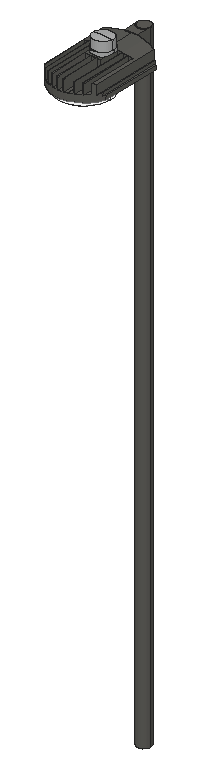
Revit family "SGD-50", category Lighting Fixtures, host Face, Revit 2021
Family settings
  Host = Face
  Round Connector Dimension = Use Diameter
  Part Type = Normal
  OmniClass Number = 23.80.70.14
  OmniClass Title = Luminaries for External Lighting
  Cut with Voids When Loaded = No
  Light Source = No
  Shared = Yes
  Room Calculation Point = No
Parameters (values of type "SGD-40-4K")
  Width 1 = 5.000"
  Width = 11.630"
  Watts = 60 W
  Wattage Comments = "60W"
  Warranty = "5 years Warranty"  # constant formula
  Voltage = 120 V
  URL = "https://www.currentlighting.com/exo"
  Reflector Finish = White Glass
  Power Factor = 1
  Pole Height [instance] = 96.000"
  Pole = Paint - Metallic Bronze Textured
  Model = "SGD-50"  # constant formula
  Manufacturer = "EXO"  # constant formula
  Load Classification = Lighting
  Length = 48.000"
  Lamp = "LED"  # constant formula
  IP Rating = "IP65"  # constant formula
  Housing Material = Paint - Metallic Bronze Textured
  Head = SGD : SGD-40
  Features = "Multi-purpose dusk-to-dawn LED luminare provides general purpose\r\narea, security, roadway and landscape lighting\r\n• Low profile housing with zero uplight design for environmentally\r\nfriendly installations\r\n• Includes arm and photocontrol for automatic off during daylight hours\r\n• Clamp for 1-5/8 inch to 2-3/8 inch diameter pipe"  # constant formula
  Description = "SLING FAMILY - DUSK TO DAWN"  # constant formula
  Default Elevation = 48.000"
  Copyright = "© EXO"  # constant formula
  Contact = ""
  Connector Description = "Lighting Connector"  # constant formula
  built-in parameter 1114216 [instance] = (empty or 0)
  Certifications = "Listed to UL1598 for use in wet locations"  # constant formula
  Assembly Code = "D5020200"
  Apparent Load = Watts / Power Factor  # 60 VA
Types (2): name | Pole Height | Head
  SGD-40-4K | 96.000" | SGD : SGD-40
  SGD-60-4K | 103.600" | SGD : SGD-60
Reference planes (in)
  plane 1 "Center (Front/Back)": y = 0
  plane 2: z = 0
  plane 3 "Center (Left/Right)": x = 0
  plane 4: x = -5.1
  plane 5: x = 5.1
  plane 6: y = 5.1
  plane 7: y = -5.1
  plane 8: z = 96
  plane 9: z = 93.13796
Forms (in)
  Extrusion 1, solid, material "Paint - Metallic Bronze Textured" <- "Pole"
    sketch origin (0, 0, 0) x (1, 0, 0) y (0, 1, 0)
      loop
        circle (0, 0.11426) r 1
    from 0 to 96
  Extrusion 2, solid, material "Paint - Metallic Bronze Textured" <- "Pole"
    sketch origin (0, 0, 0) x (1, 0, 0) y (0, 1, 0)
      loop
        line (-0.99345, 0) -> (-0.99345, -2.25) -> (0.99345, -2.25) -> (0.99345, 0)
        arc (0.99345, 0) -> (0, -0.88574) -> (-0.99345, 0) r 1
    from 93.13796 to 96
Dimensions and locks (in)
  plane 1 "Center (Front/Back)" to Extrusion 2 = 2.250"
  locked: plane 8 to plane 9 at 2.86204
  "Pole Height": plane 8 to plane 2
  aligned and locked: plane 2 to host face
  aligned and locked: level to host face
  aligned and locked: plane 8 to Extrusion 1  (x2)
  aligned and locked: Extrusion 2 to Extrusion 1
  aligned and locked: Extrusion 2 to plane 9
  aligned and locked: Extrusion 2 to nested 1
Automatic sketch dimensions
  host sketch curve to host sketch curve = 96.000"  (x2)
  Extrusion 1 sketch curve to plane 3 "Center (Left/Right)" = 0.000"
  Extrusion 1 sketch curve to plane 1 "Center (Front/Back)" = 0.11426"
  plane 1 "Center (Front/Back)" to Extrusion 2 sketch curve = 0.000"  (x2)
  Extrusion 2 sketch curve to plane 3 "Center (Left/Right)" = 0.000"
  Extrusion 2 sketch curve to plane 3 "Center (Left/Right)" = 0.99345"
  Extrusion 2 sketch curve to Extrusion 2 sketch curve = 2.250"
  Extrusion 2 sketch curve to plane 1 "Center (Front/Back)" = 0.11426"
  radius of Extrusion 1 sketch curve = 1.000"
Nested families (in)
  nested 1: "SGD" at (0.15713, -2.25, 94.25849) x (1, 0, 0) z (0, -1, 0), type <- "Head", type "SGD-40"
    with built-in parameter 1114216 (empty or 0)
Connectors (in)
  electrical at (0, 0.11426, 0), driven by "Apparent Load", driven by "Voltage", driven by "Power Factor", driven by "Connector Description"
    settings: on Extrusion 1, index 1, voltage 120 V, apparent load 60 VA, apparent load phase1 0 VA, apparent load phase2 0 VA, apparent load phase3 0 VA, power factor 1, load classification "Other", number of poles 1, system type 30, power factor state 1, is connector primary yes, connector utility no, sub classification motor no, connector description "Lighting Connector"
Definition of nested family "SGD"
  Parameters
    Width 1 = 5.000"
    Width = 11.630"
    Watts = 25 W
    Wattage Comments = "25W"
    Wattage = 25 W
    Warranty = "5 years Warranty"  # constant formula
    built-in parameter 1150110 = 1 (stored number, unit not read)
    Voltage = 120 V
    URL = "https://www.hubbell.com/hubbelloutdoorlighting/en"
    built-in parameter 1114217 = 1 (stored number, unit not read)
    Tilt Angle = 100.00°
    built-in parameter 1150109 = 1 (stored number, unit not read)
    built-in parameter 1150134 = 12
    built-in parameter 1150113 = 1 (stored number, unit not read)
    Reflector Finish = none
    Power Factor = 1
    Pole height = 100.000"
    Pole = none
    Photometric Web File = "SGD-60-4K.ies"
    Model = "SGC"  # constant formula
    Manufacturer = "Hubbell Outdoor Lighting"  # constant formula
    built-in parameter 1150105 = 238.73 (stored number, unit not read)
    Lumens = 3000 lm
    built-in parameter 1150115 = 1 (stored number, unit not read)
    Load Classification = none
    built-in parameter 1150137 = (empty or 0)
    built-in parameter 1150139 = (empty or 0)
    Length = 48.000"
    built-in parameter 1150112 = 1 (stored number, unit not read)
    built-in parameter 1150114 = 1 (stored number, unit not read)
    Lamp = "LED"  # constant formula
    built-in parameter 1150132 = (empty or 0)
    built-in parameter 1150102 = (empty or 0)
    built-in parameter 1150107 = 4000 (stored number, unit not read)
    built-in parameter 1150138 = (empty or 0)
    built-in parameter 1150106 = 2.3873 (stored number, unit not read)
    IP Rating = "IP65"  # constant formula
    Housing Material = none
    Head = none
    Features = "Commercial grade LED canopy luminare for use in outdoor applications\r\nsuch a commercial building, retail, government and educational facilities\r\n• Low profile housing with a lightly diffused lens for reduced pixilation\r\nand glare\r\n• Available in three wattages; 25W, 40W and 60W\r\n• Two housing finishes including white and dark bronze"  # constant formula
    built-in parameter 1150104 = 11.148 (stored number, unit not read)
    Dimming Lamp Color Temperature Shift = (empty or 0)
    Description = "Sling Canopy"  # constant formula
    Default Elevation = 48.000"
    Copyright = "© 2020 Hubbell Outdoor Lighting, a division of Hubbell Lighting, Inc. Specifications subject to change without notice."  # constant formula
    Contact = "https://www.hubbell.com/hubbelloutdoorlighting/en/contactUs"
    Connector Description = "Lighting Connector"  # constant formula
    Color Filter = 16777215
    built-in parameter 1114216 [instance] = (empty or 0)
    Certifications = "CSA Certified, DLC Premium"  # constant formula
    built-in parameter 1114218 = 1 (stored number, unit not read)
    built-in parameter 1150133 = 10 (stored number, unit not read)
    Assembly Code = "D5020200"
    Apparent Load = Watts / Power Factor  # 25 VA
  Reference planes (in)
    plane 1 "Center (Front/Back)": y = 0
    plane 2: z = 18.25074
    plane 3 "Center (Left/Right)": x = 0
    plane 4: x = -4.55
    plane 5: x = 4.55
    plane 6: z = 118.25074
  Forms (in)
    Extrusion 1, solid
      sketch origin (0, 0, 0) x (1, 0, 0) y (0, 1, 0)
        loop
          line (-48, 48) -> (-48, -48) -> (48, -48) -> (48, 48) -> (-48, 48)
      from 0 to -2.775
    Extrusion 2, solid, material <- "Housing Material"
      sketch origin (0, -80.1495, -2.00215) x (1, 0, 0) y (0, 1, 0)
        loop
          line (-0.00189, 79.02897) -> (4.47255, 79.02897) -> (4.47255, 79.5914) -> (4.29277, 79.65684) -> (4.29277, 80.06009) -> (3.89276, 80.06009) -> (3.89276, 81.40132)
          arc (3.89276, 81.40132) -> (1.96028, 81.80702) -> (-0.01254, 81.89101) r 12.02611
          arc (-0.01254, 81.89101) -> (-1.98537, 81.80702) -> (-3.91785, 81.40132) r 12.02611
          line (-3.91785, 81.40132) -> (-3.91785, 80.06009) -> (-4.31786, 80.06009) -> (-4.31786, 79.65684) -> (-4.49764, 79.5914) -> (-4.49764, 79.02897) -> (-0.00189, 79.02897)
      from 0 to 16.1
    Extrusion 3, void
      sketch origin (0, -80.00775, -2.00215) x (1, 0, 0) y (0, 0, -1)
        loop
          line (-6.90258, 1.5526) -> (-6.90258, -4.17305)
          arc (-6.90258, -4.17305) -> (-0.24448, -2.00441) -> (6.34742, -4.36667) r 10.82082
          line (6.34742, -4.36667) -> (6.34742, 1.5526) -> (-6.90258, 1.5526)
      from 78.62853 to 82.32357
    Revolve 4, solid, material <- "Head"
      sketch origin (0, -80.13275, 5.39175) x (1, 0, 0) y (0, 1, 0)
        loop
          line (-0.01254, 81.94857) -> (1.60068, 81.94857) -> (1.60068, 82.44857) -> (1.44683, 82.44857) -> (1.44683, 83.8181)
          arc (1.44683, 83.8181) -> (0.72176, 83.94616) -> (-0.01254, 84.0003) r 7.2763
          line (-0.01254, 84.0003) -> (-0.01254, 81.94857)
        axis (-0.01254, 84.0003) -> (-0.01254, 81.94857)
      angle from 0 to 360
    Revolve 5, solid, material <- "Reflector Finish"
      sketch origin (0, -80.00775, 8.91974) x (1, 0, 0) y (0, 1, 0)
        loop
          line (0, 79.02897) -> (0, 77.5681)
          arc (0, 77.5681) -> (1.97419, 77.69602) -> (3.92842, 78.00393) r 21.61284
          line (3.92842, 78.00393) -> (3.92842, 78.92471) -> (4.30311, 78.92471) -> (4.30311, 79.02897) -> (0, 79.02897)
        axis (0, 79.02897) -> (0, 77.5681)
      angle from 0 to 360
    Extrusion 6, void
      sketch origin (0, -80.00775, -2.00215) x (1, 0, 0) y (0, 0, -1)
        loop
          line (-4.42811, -12.42189) -> (-5.42811, -12.42189) -> (-5.42811, -16.79689) -> (5.44689, -16.79689) -> (5.44689, -12.42189) -> (4.44689, -12.42189)
          arc (4.44689, -12.42189) -> (0.00939, -15.4697) -> (-4.42811, -12.42189) r 4.75432
      from 78.62853 to 84
    Extrusion 7, void
      sketch origin (0, -80.1495, -2.00215) x (1, 0, 0) y (0, 1, 0)
        loop
          line (-3.71675, 80.10295) -> (-3.03416, 80.10295) -> (-3.03416, 81.62807) -> (-3.03416, 81.77856) -> (-2.91371, 81.77856) -> (-2.91371, 80.10295) -> (-2.16371, 80.10295) -> (-2.16371, 81.7833) -> (-2.0143, 81.7833) -> (-2.0143, 80.10295) -> (-1.3558, 80.10295) -> (-1.3558, 82.10295) -> (-3.71675, 82.0205) -> (-3.71675, 80.10295)
        loop
          line (3.50515, 80.10295) -> (3.50515, 82.0205) -> (1.1442, 82.10295) -> (1.1442, 80.10295) -> (1.8027, 80.10295) -> (1.8027, 81.7833) -> (1.9521, 81.7833) -> (1.9521, 80.10295) -> (2.7021, 80.10295) -> (2.7021, 81.77856) -> (2.82256, 81.77856) -> (2.82256, 81.62807) -> (2.82256, 80.10295) -> (3.50515, 80.10295)
      from 6.27941 to 20
    Extrusion 8, void
      sketch origin (0, -80.1495, -2.00215) x (1, 0, 0) y (0, 1, 0)
        loop
          line (-1.23842, 82.04244) -> (-1.12072, 80.13103) -> (-0.51485, 80.13103) -> (-0.45574, 81.82357)
          arc (-0.45574, 81.82357) -> (-0.40415, 81.87517) -> (-0.35256, 81.82357) r 0.05159
          line (-0.35256, 81.82357) -> (-0.29231, 80.09829) -> (0.36013, 80.09829) -> (0.42003, 81.81374)
          arc (0.42003, 81.81374) -> (0.45903, 81.86587) -> (0.50721, 81.82209) r 0.04399
          line (0.50721, 81.82209) -> (0.56627, 80.13103) -> (1.22986, 80.13103) -> (1.29066, 81.87201) -> (1.29066, 82.04244) -> (-1.23842, 82.04244)
      from 9.20123 to 15.81884
    Extrusion 9, solid, material <- "Housing Material", not visible
      sketch origin (0, 0, -0.14175) x (1, 0, 0) y (0, 0, 1)
        loop
          line (-0.00189, 79.02897) -> (4.47255, 79.02897) -> (4.47255, 79.5914) -> (4.29277, 79.65684) -> (4.29277, 80.06009) -> (3.89276, 80.06009) -> (3.89276, 81.40132)
          arc (3.89276, 81.40132) -> (1.96028, 81.80702) -> (-0.01254, 81.89101) r 12.02611
          arc (-0.01254, 81.89101) -> (-1.98537, 81.80702) -> (-3.91785, 81.40132) r 12.02611
          line (-3.91785, 81.40132) -> (-3.91785, 80.06009) -> (-4.31786, 80.06009) -> (-4.31786, 79.65684) -> (-4.49764, 79.5914) -> (-4.49764, 79.02897) -> (-0.00189, 79.02897)
      from 0 to 16.1
    Extrusion 10, void, not visible
      sketch origin (0, 0, 0) x (1, 0, 0) y (0, 1, 0)
        loop
          line (-6.90258, 1.5526) -> (-6.90258, -4.17305)
          arc (-6.90258, -4.17305) -> (-0.24448, -2.00441) -> (6.34742, -4.36667) r 10.82082
          line (6.34742, -4.36667) -> (6.34742, 1.5526) -> (-6.90258, 1.5526)
      from 78.62853 to 82.32357
    Revolve 11, solid, material <- "Head", not visible
      sketch origin (0, -7.3939, -0.125) x (1, 0, 0) y (0, 0, 1)
        loop
          line (-0.01254, 81.94857) -> (1.60068, 81.94857) -> (1.60068, 82.44857) -> (1.44683, 82.44857) -> (1.44683, 83.8181)
          arc (1.44683, 83.8181) -> (0.72176, 83.94616) -> (-0.01254, 84.0003) r 7.2763
          line (-0.01254, 84.0003) -> (-0.01254, 81.94857)
        axis (-0.01254, 84.0003) -> (-0.01254, 81.94857)
      angle from 0 to 360
    Revolve 12, solid, material <- "Reflector Finish", not visible
      sketch origin (0, -10.92189, 0) x (1, 0, 0) y (0, 0, 1)
        loop
          line (0, 79.02897) -> (0, 77.5681)
          arc (0, 77.5681) -> (1.97419, 77.69602) -> (3.92842, 78.00393) r 21.61284
          line (3.92842, 78.00393) -> (3.92842, 78.92471) -> (4.30311, 78.92471) -> (4.30311, 79.02897) -> (0, 79.02897)
        axis (0, 79.02897) -> (0, 77.5681)
      angle from 0 to 360
    Extrusion 13, void, not visible
      sketch origin (0, 0, 0) x (1, 0, 0) y (0, 1, 0)
        loop
          line (-4.42811, -12.42189) -> (-5.42811, -12.42189) -> (-5.42811, -16.79689) -> (5.44689, -16.79689) -> (5.44689, -12.42189) -> (4.44689, -12.42189)
          arc (4.44689, -12.42189) -> (0.00939, -15.4697) -> (-4.42811, -12.42189) r 4.75432
      from 78.62853 to 84
    Extrusion 14, void, not visible
      sketch origin (0, 0, -0.14175) x (1, 0, 0) y (0, 0, 1)
        loop
          line (-3.71675, 80.10295) -> (-3.03416, 80.10295) -> (-3.03416, 81.62807) -> (-3.03416, 81.77856) -> (-2.91371, 81.77856) -> (-2.91371, 80.10295) -> (-2.16371, 80.10295) -> (-2.16371, 81.7833) -> (-2.0143, 81.7833) -> (-2.0143, 80.10295) -> (-1.3558, 80.10295) -> (-1.3558, 82.10295) -> (-3.71675, 82.0205) -> (-3.71675, 80.10295)
        loop
          line (3.50515, 80.10295) -> (3.50515, 82.0205) -> (1.1442, 82.10295) -> (1.1442, 80.10295) -> (1.8027, 80.10295) -> (1.8027, 81.7833) -> (1.9521, 81.7833) -> (1.9521, 80.10295) -> (2.7021, 80.10295) -> (2.7021, 81.77856) -> (2.82256, 81.77856) -> (2.82256, 81.62807) -> (2.82256, 80.10295) -> (3.50515, 80.10295)
      from 6.27941 to 20
    Extrusion 15, void, not visible
      sketch origin (0, 0, -0.14175) x (1, 0, 0) y (0, 0, 1)
        loop
          line (-1.23842, 82.04244) -> (-1.12072, 80.13103) -> (-0.51485, 80.13103) -> (-0.45574, 81.82357)
          arc (-0.45574, 81.82357) -> (-0.40415, 81.87517) -> (-0.35256, 81.82357) r 0.05159
          line (-0.35256, 81.82357) -> (-0.29231, 80.09829) -> (0.36013, 80.09829) -> (0.42003, 81.81374)
          arc (0.42003, 81.81374) -> (0.45903, 81.86587) -> (0.50721, 81.82209) r 0.04399
          line (0.50721, 81.82209) -> (0.56627, 80.13103) -> (1.22986, 80.13103) -> (1.29066, 81.87201) -> (1.29066, 82.04244) -> (-1.23842, 82.04244)
      from 9.20123 to 15.81884
  Cuts and joins
    Extrusion 3, Extrusion 6, Extrusion 7, Extrusion 8 cuts Extrusion 2
    Extrusion 7, Extrusion 8 cuts Revolve 4
  Dimensions and locks (in)
    "Pole height": plane 6 to plane 2
    aligned and locked: level to Extrusion 1
  Automatic sketch dimensions
    Extrusion 1 sketch curve to Extrusion 1 sketch curve = 96.000"  (x2)
    Extrusion 9 sketch curve to Extrusion 9 sketch curve = 0.17978"  (x2)
    Extrusion 9 sketch curve to Extrusion 9 sketch curve = 0.40001"  (x2)
    Extrusion 9 sketch curve to Extrusion 9 sketch curve = 4.00852"
    Extrusion 9 sketch curve to Extrusion 9 sketch curve = 3.91596"
    Extrusion 9 sketch curve to Extrusion 9 sketch curve = 0.95316"
    Extrusion 9 sketch curve to Extrusion 9 sketch curve = 3.89465"
    Extrusion 9 sketch curve to Extrusion 9 sketch curve = 0.000"
    Extrusion 9 sketch curve to Extrusion 9 sketch curve = 9.15463"
    Extrusion 9 sketch curve to Extrusion 9 sketch curve = 0.56243"  (x2)
    Extrusion 9 sketch curve to Extrusion 9 sketch curve = 0.06543"  (x2)
    Extrusion 9 sketch curve to Extrusion 9 sketch curve = 0.40326"  (x2)
    Extrusion 9 sketch curve to Extrusion 9 sketch curve = 1.34123"  (x2)
    Extrusion 10 sketch curve to Extrusion 10 sketch curve = 6.500"
    Extrusion 10 sketch curve to Extrusion 10 sketch curve = 13.250"
    Extrusion 10 sketch curve to Extrusion 10 sketch curve = 8.4574"
    Extrusion 10 sketch curve to Extrusion 10 sketch curve = 5.72566"
    Revolve 11 sketch curve to Revolve 11 sketch curve = 0.16714"  (x2)
    Revolve 11 sketch curve to Revolve 11 sketch curve = 1.45938"
    Revolve 11 sketch curve to Revolve 11 sketch curve = 0.15384"
    Revolve 11 sketch curve to Revolve 11 sketch curve = 5.22265"
    Revolve 11 sketch curve to Revolve 11 sketch curve = 0.500"
    Revolve 11 sketch curve to Revolve 11 sketch curve = 1.36952"
    Revolve 11 sketch curve to Revolve 11 sketch curve = 1.33491"
    Revolve 11 sketch curve to Revolve 11 sketch curve = 0.05756"
    Revolve 12 sketch curve to Revolve 12 sketch curve = 0.40899"
    Revolve 12 sketch curve to Revolve 12 sketch curve = 3.92842"
    Revolve 12 sketch curve to Revolve 12 sketch curve = 0.37469"
    Revolve 12 sketch curve to Revolve 12 sketch curve = 0.43583"
    Revolve 12 sketch curve to Revolve 12 sketch curve = 0.92078"
    Revolve 12 sketch curve to Revolve 12 sketch curve = 0.10427"
    Revolve 12 sketch curve to Revolve 12 sketch curve = 0.000"
    Revolve 12 sketch curve to Revolve 12 sketch curve = 6.125"
    Revolve 12 sketch curve to Revolve 12 sketch curve = 4.66412"
    Extrusion 13 sketch curve to Extrusion 13 sketch curve = 1.000"  (x2)
    Extrusion 13 sketch curve to Extrusion 13 sketch curve = 4.4375"  (x2)
    Extrusion 13 sketch curve to Extrusion 13 sketch curve = 4.375"
    Extrusion 13 sketch curve to Extrusion 13 sketch curve = 1.70651"
    Extrusion 14 sketch curve to Extrusion 14 sketch curve = 0.68259"  (x2)
    Extrusion 14 sketch curve to Extrusion 14 sketch curve = 0.12046"  (x2)
    Extrusion 14 sketch curve to Extrusion 14 sketch curve = 0.750"  (x2)
    Extrusion 14 sketch curve to Extrusion 14 sketch curve = 0.14941"  (x2)
    Extrusion 14 sketch curve to Extrusion 14 sketch curve = 0.6585"  (x2)
    Extrusion 14 sketch curve to Extrusion 14 sketch curve = 2.500"
    Extrusion 14 sketch curve to Extrusion 14 sketch curve = 0.000"  (x5)
    Extrusion 14 sketch curve to Extrusion 14 sketch curve = 1.52513"  (x2)
    Extrusion 14 sketch curve to Extrusion 14 sketch curve = 0.15049"  (x2)
    Extrusion 14 sketch curve to Extrusion 14 sketch curve = 0.00474"  (x2)
    Extrusion 14 sketch curve to Extrusion 14 sketch curve = 0.24194"  (x2)
    Extrusion 14 sketch curve to Extrusion 14 sketch curve = 0.31965"  (x2)
    Extrusion 15 sketch curve to Extrusion 15 sketch curve = 0.1177"
    Extrusion 15 sketch curve to Extrusion 15 sketch curve = 0.60587"
    Extrusion 15 sketch curve to Extrusion 15 sketch curve = 0.78268"
    Extrusion 15 sketch curve to Extrusion 15 sketch curve = 0.05159"
    Extrusion 15 sketch curve to Extrusion 15 sketch curve = 0.22254"
    Extrusion 15 sketch curve to Extrusion 15 sketch curve = 0.65244"
    Extrusion 15 sketch curve to Extrusion 15 sketch curve = 0.77259"
    Extrusion 15 sketch curve to Extrusion 15 sketch curve = 0.04319"
    Extrusion 15 sketch curve to Extrusion 15 sketch curve = 0.04399"
    Extrusion 15 sketch curve to Extrusion 15 sketch curve = 0.20614"
    Extrusion 15 sketch curve to Extrusion 15 sketch curve = 0.6636"
    Extrusion 15 sketch curve to Extrusion 15 sketch curve = 0.78345"
    Extrusion 15 sketch curve to Extrusion 15 sketch curve = 0.03274"  (x2)
    Extrusion 15 sketch curve to Extrusion 15 sketch curve = 1.68271"
    Extrusion 15 sketch curve to Extrusion 15 sketch curve = 0.00984"
    Extrusion 15 sketch curve to Extrusion 15 sketch curve = 0.04993"
    Extrusion 15 sketch curve to Extrusion 15 sketch curve = 0.21886"
    plane 4 to Extrusion 2 sketch curve = 0.05236"
    Extrusion 2 sketch curve to Extrusion 2 sketch curve = 0.17978"
    Extrusion 2 sketch curve to Extrusion 2 sketch curve = 0.40001"
    Extrusion 2 sketch curve to plane 3 "Center (Left/Right)" = 0.48912"
    Extrusion 2 sketch curve to plane 3 "Center (Left/Right)" = 0.00189"
    plane 3 "Center (Left/Right)" to Extrusion 2 sketch curve = 0.46403"
    Extrusion 2 sketch curve to plane 5 = 0.65724"
    Extrusion 2 sketch curve to plane 5 = 0.25723"
    Extrusion 2 sketch curve to plane 5 = 0.07745"
    Extrusion 2 sketch curve to Extrusion 2 sketch curve = 0.000"
    Extrusion 2 sketch curve to Extrusion 2 sketch curve = 0.56243"  (x2)
    Extrusion 2 sketch curve to Extrusion 2 sketch curve = 0.06543"  (x2)
    Extrusion 2 sketch curve to Extrusion 2 sketch curve = 0.40326"  (x2)
    Extrusion 2 sketch curve to Extrusion 2 sketch curve = 1.34123"  (x2)
    Extrusion 3 sketch curve to plane 4 = 2.35258"
    Extrusion 3 sketch curve to plane 3 "Center (Left/Right)" = 0.40258"
    plane 5 to Extrusion 3 sketch curve = 1.79742"
    Extrusion 3 sketch curve to Extrusion 3 sketch curve = 5.72566"
    Revolve 4 sketch curve to plane 3 "Center (Left/Right)" = 0.17968"
    Revolve 4 sketch curve to plane 3 "Center (Left/Right)" = 0.01254"  (x2)
    plane 3 "Center (Left/Right)" to Revolve 4 sketch curve = 1.44683"
    Revolve 4 sketch curve to Revolve 4 sketch curve = 0.15384"
    Revolve 4 sketch curve to Revolve 4 sketch curve = 5.22265"
    Revolve 4 sketch curve to Revolve 4 sketch curve = 0.500"
    Revolve 4 sketch curve to Revolve 4 sketch curve = 1.36952"
    Revolve 4 sketch curve to Revolve 4 sketch curve = 1.33491"
    Revolve 4 sketch curve to Revolve 4 sketch curve = 0.05756"
    Revolve 5 sketch curve to plane 3 "Center (Left/Right)" = 0.000"  (x2)
    Revolve 5 sketch curve to plane 3 "Center (Left/Right)" = 0.40899"
    Revolve 5 sketch curve to plane 5 = 0.62158"
    Revolve 5 sketch curve to plane 5 = 0.24689"
    Revolve 5 sketch curve to Revolve 5 sketch curve = 0.43583"
    Revolve 5 sketch curve to Revolve 5 sketch curve = 0.92078"
    Revolve 5 sketch curve to Revolve 5 sketch curve = 0.10427"
    Revolve 5 sketch curve to Revolve 5 sketch curve = 4.66412"
    Extrusion 6 sketch curve to plane 4 = 0.87811"
    plane 4 to Extrusion 6 sketch curve = 0.12189"
    plane 3 "Center (Left/Right)" to Extrusion 6 sketch curve = 0.00939"
    Extrusion 6 sketch curve to plane 5 = 0.10311"
    plane 5 to Extrusion 6 sketch curve = 0.89689"
    Extrusion 6 sketch curve to Extrusion 6 sketch curve = 4.375"
    plane 4 to Extrusion 7 sketch curve = 0.83325"
    Extrusion 7 sketch curve to Extrusion 7 sketch curve = 0.68259"  (x2)
    Extrusion 7 sketch curve to Extrusion 7 sketch curve = 0.12046"  (x2)
    Extrusion 7 sketch curve to Extrusion 7 sketch curve = 0.750"  (x2)
    Extrusion 7 sketch curve to Extrusion 7 sketch curve = 0.14941"  (x2)
    Extrusion 7 sketch curve to Extrusion 7 sketch curve = 0.6585"  (x2)
    plane 3 "Center (Left/Right)" to Extrusion 7 sketch curve = 1.1442"
    Extrusion 7 sketch curve to Extrusion 7 sketch curve = 0.000"  (x5)
    Extrusion 7 sketch curve to Extrusion 7 sketch curve = 1.52513"  (x2)
    Extrusion 7 sketch curve to Extrusion 7 sketch curve = 0.15049"  (x2)
    Extrusion 7 sketch curve to Extrusion 7 sketch curve = 0.00474"  (x2)
    Extrusion 7 sketch curve to Extrusion 7 sketch curve = 0.24194"  (x2)
    Extrusion 7 sketch curve to Extrusion 7 sketch curve = 0.31965"  (x2)
    Extrusion 8 sketch curve to plane 3 "Center (Left/Right)" = 1.23842"
    Extrusion 8 sketch curve to plane 3 "Center (Left/Right)" = 1.12072"
    Extrusion 8 sketch curve to plane 3 "Center (Left/Right)" = 0.51485"
    Extrusion 8 sketch curve to plane 3 "Center (Left/Right)" = 0.45574"
    Extrusion 8 sketch curve to Extrusion 8 sketch curve = 0.05159"
    Extrusion 8 sketch curve to Extrusion 8 sketch curve = 0.22254"
    plane 3 "Center (Left/Right)" to Extrusion 8 sketch curve = 0.36013"
    plane 3 "Center (Left/Right)" to Extrusion 8 sketch curve = 0.42003"
    Extrusion 8 sketch curve to Extrusion 8 sketch curve = 0.04319"
    Extrusion 8 sketch curve to Extrusion 8 sketch curve = 0.04399"
    Extrusion 8 sketch curve to Extrusion 8 sketch curve = 0.20614"
    Extrusion 8 sketch curve to Extrusion 8 sketch curve = 0.6636"
    Extrusion 8 sketch curve to Extrusion 8 sketch curve = 0.78345"
    Extrusion 8 sketch curve to Extrusion 8 sketch curve = 0.03274"  (x2)
    Extrusion 8 sketch curve to Extrusion 8 sketch curve = 1.68271"
    Extrusion 8 sketch curve to Extrusion 8 sketch curve = 0.00984"
    Extrusion 8 sketch curve to Extrusion 8 sketch curve = 0.04993"
    Extrusion 8 sketch curve to Extrusion 8 sketch curve = 0.21886"
    Extrusion 3 sketch curve to plane 6 = 107.42882"
    Extrusion 3 sketch curve to Extrusion 3 sketch curve = 8.4574"
    Extrusion 6 sketch curve to plane 6 = 103.456"
    Extrusion 6 sketch curve to Extrusion 6 sketch curve = 1.70651"
    plane 1 "Center (Front/Back)" to Extrusion 2 sketch curve = 10.27515"
    Extrusion 2 sketch curve to Extrusion 2 sketch curve = 9.15463"
    plane 1 "Center (Front/Back)" to Revolve 4 sketch curve = 3.40682"
    plane 1 "Center (Front/Back)" to Revolve 5 sketch curve = 2.43965"
    Revolve 5 sketch curve to Revolve 5 sketch curve = 6.125"
    plane 1 "Center (Front/Back)" to Extrusion 7 sketch curve = 0.04655"
    plane 1 "Center (Front/Back)" to Extrusion 8 sketch curve = 0.05121"
